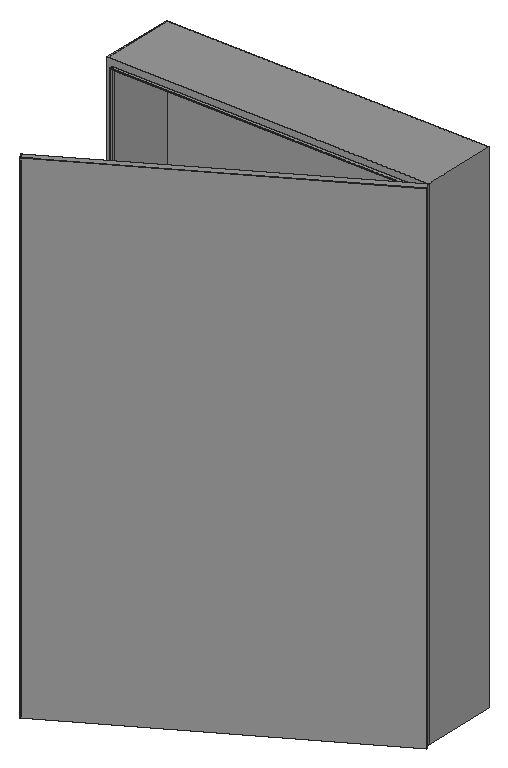
Revit family "Hager-Univers-IP54-D205-H1250-Cl.II-Encl-NoHosted-PL-en", category Equipement électrique, Revit 2020
Family settings
  Configuration du panneau = Deux colonnes, circuits au sein
  Cote de connecteur circulaire = Utiliser le diamètre
  Type d'élément = Tableau de raccordement
  Basée sur le plan de construction = Oui
  Toujours verticalement = Oui
  Couper avec des vides une fois chargée = Non
  Partagée = Non
  Point de calcul de pièce = Non
Parameters (values of type "Surface mounted (plaster) IP54 W800 H1250 D205  - FP83SW2")
  Width Control [instance] = if([EF000008 - Width] > Min Width, [EF000008 - Width], Min Width)  # 800 mm
  Commentaires du type = [HG000003 - Range]  # "Univers"
  Thickness Door [instance] = if([EF009171 - Material plate thickness door/cover] > 3 mm, 3 mm, [EF009171 - Material plate thickness door/cover])  # 1 mm
  Seal Frame Offset [instance] = 17 mm  # constant formula
  Plinth Visibility [instance] = [HG000027 - Plinth height] > 0 mm  # no
  Min Width [instance] = 100 mm  # constant formula
  Min Depth [instance] = (2 * [EF009170 - Material plate thickness cabinet]) + 1 mm  # 3 mm
  Min Height [instance] = 100 mm  # constant formula
  Internal Frame Depth [instance] = (Door System Depth * 0.5)  # 9 mm
  Panel Name [instance] = ""  # (empty or 0)
  Model = ""
  HG000027 - Plinth height = 0 mm
  HG000026 - Floor standing = no
  HG000024 - Bottom section height = 600 mm
  HG000023 - Double section enclosure = no
  HG000016 - Door 3d visibility [instance] = yes
  HG000015 - Clearance visibility [instance] = no
  HG000014 - Door on the right [instance] = yes
  HG000013 - Door on the left [instance] = not([HG000014 - Door on the right])  # no
  HG000012 - Door swing angle [instance] = 30.00°
  HG000010 - Asymmetric doors = no
  HG000009 - Double swing door = no
  HG000006 - Flush mounted = no
  HG000004 - Manufacturer reference = "FP83SW2"
  HG000003 - Range = "Univers"
  HG000002 - With door or cover = yes
  Frame Offset Bottom [instance] = 10 mm  # constant formula
  Frame Offset [instance] = 15 mm  # constant formula
  EF015940 - Cover with overpressure release = no
  EF011959 - Degree of protection (NEMA) = ""
  EF009554 - Number of openings for flange plates = 6
  EF009212 - Cover model = "EV000116 - Closed"
  EF009171 - Material plate thickness door/cover = 1 mm
  EF009170 - Material plate thickness cabinet = 1 mm
  EF008873 - Nominal current (In) = 250 A
  EF007800 - Suitable for lightning protection = no
  EF006306 - With lock = no
  EF006244 - Transparent cover/door = no
  EF005474 - Degree of protection (IP) = "EV006419 - IP54"
  EF004464 - Type of door = "EV002646 - Single"
  EF004427 - Number of modules = 288
  EF004293 - Impact strength = "EV006813 - IK07"
  EF003532 - Suitable for outdoor use = no
  EF002950 - Width in number of modular spacings = 36
  EF001613 - Circuit integrity = "EV000494 - None"
  EF001596 - Material housing = "EV000179 - Steel"
  EF001131 - Internal depth = 130 mm
  EF001088 - Extension possible = yes
  EF000437 - Number of conduit inlets = 6
  EF000339 - Type of cover = "EV004216 - Door"
  EF000266 - Number of rows = 8
  EF000218 - Built-in depth = 205 mm
  EF000118 - With mounting plate = no
  EF000116 - RAL-number = "9010"
  EF000049 - Depth = 205 mm
  EF000040 - Height = 1250 mm
  EF000008 - Width = 800 mm
  EF000007 - Colour = "EV000202 - White"
  EF000003 - Mounting method = "EV000384 - Surface mounted (plaster)"
  Door System Leaf Tolerance [instance] = 1.5 mm  # constant formula
  Door System Depth [instance] = 18 mm  # constant formula
  Door Height [instance] = Height Control - [HG000027 - Plinth height]  # 1250 mm
  Description = ""
  Default Elevation = 1219.2 mm
  Connector Offset [instance] = Height Control / 2  # 625 mm
  Fabricant = "Hager"  # constant formula
  Height Control [instance] = if([EF000040 - Height] > Min Height, [EF000040 - Height], Min Height)  # 1250 mm
  Depth Control [instance] = if([EF000049 - Depth] > Min Depth, [EF000049 - Depth], Min Depth)  # 205 mm
  Bottom Top Plate Trim [instance] = 1.5 mm  # constant formula
  Plinth height Ctrl [instance] = if([HG000027 - Plinth height] > 0 mm, [HG000027 - Plinth height], 12 mm)  # 12 mm
Types (5, lengths in mm): name | Width Control | HG000010 - Asymmetric doors | HG000009 - Double swing door | HG000004 - Manufacturer reference | EF009554 - Number of openings for flange plates | EF004464 - Type of door | EF004427 - Number of modules | EF004293 - Impact strength | EF002950 - Width in number of modular spacings | EF000437 - Number of conduit inlets | EF000008 - Width
  Surface mounted (plaster) IP54 W1050 H1250 D205  - FP84SW2 | 1050 | no | yes | "FP84SW2" | 8 | "EV003602 - Double" | 384 | "EV006815 - IK09" | 48 | 8 | 1050
  Surface mounted (plaster) IP54 W1300 H1250 D205  - FP85SW2 | 1300 | yes | yes | "FP85SW2" | 10 | "EV003602 - Double" | 480 | "EV006815 - IK09" | 60 | 10 | 1300
  Surface mounted (plaster) IP54 W300 H1250 D205  - FP81SW2 | 300 | no | no | "FP81SW2" | 2 | "EV002646 - Single" | 96 | "EV006815 - IK09" | 12 | 2 | 300
  Surface mounted (plaster) IP54 W550 H1250 D205  - FP82SW2 | 550 | no | no | "FP82SW2" | 4 | "EV002646 - Single" | 192 | "EV006815 - IK09" | 24 | 4 | 550
  Surface mounted (plaster) IP54 W800 H1250 D205  - FP83SW2 | 800 | no | no | "FP83SW2" | 6 | "EV002646 - Single" | 288 | "EV006813 - IK07" | 36 | 6 | 800
Reference planes
  plane 1 "Center (Front/Back)": y = 0
  plane 2: z = 0
  plane 3 "Center (Left/Right)": x = 0
  plane 4: y = 0
  plane 5: y = 0
  plane 6: z = 0
  plane 7: x = -400
  plane 8: x = 400
  plane 9: x = 399
  plane 10: x = -399
  plane 11: z = 0
  plane 12: z = 1
  plane 13: y = -205
  plane 14: y = -1
  plane 15: x = 0
  plane 16: y = -187
  plane 17: y = -204
  plane 18: y = -186
  plane 19: x = -384
  plane 20: x = 384
  plane 21: z = 11
  plane 22: x = -383
  plane 23: x = 383
  plane 24: z = 0
  plane 25: z = 1250
  plane 26: z = 1250
  plane 27: z = 1234
  plane 28: z = 1249
Forms (mm)
  Extrusion 1, solid, material "Hager_Steel_RAL7035_Light_Grey", detail levels medium+fine
    sketch origin (-208.679, -4572, 0) x (-1, 0, 0) y (0, -1, 0)
      loop
        line (191.321, -4385) -> (-608.679, -4385) -> (-608.679, -4572) -> (191.321, -4572) -> (191.321, -4385)
    from 0 to 1250
  Extrusion 2, void
    sketch origin (-350.771, -205, 1219.2) x (1, 0, 0) y (0, 0, 1)
      loop
        line (-48.229, 29.8) -> (-48.229, -1218.2) -> (749.771, -1218.2) -> (749.771, 29.8) -> (-48.229, 29.8)
    from -19 to -204
  Extrusion 3, void
    sketch origin (-290.084, -187, 1219.2) x (1, 0, 0) y (0, 0, 1)
      loop
        line (-93.916, -1208.2) -> (674.084, -1208.2) -> (674.084, 14.8) -> (-93.916, 14.8) -> (-93.916, -1208.2)
    from 0 to -1
  Extrusion 4, solid, material "Hager_Steel_RAL7035_Light_Grey", visible <- "Plinth Visibility", detail levels medium+fine
    sketch origin (0, 0, 0) x (1, 0, 0) y (0, 1, 0)
      loop
        line (-400, 0) -> (-400, -187) -> (400, -187) -> (400, 0) -> (-400, 0)
    from 0 to 12 <- "Plinth height Ctrl"
  Extrusion 5, solid, material "Hager_Steel_RAL7035_Light_Grey", detail levels coarse
    sketch origin (0, 0, 0) x (1, 0, 0) y (0, 1, 0)
      loop
        line (-400, 0) -> (-400, -205) -> (400, -205) -> (400, 0) -> (-400, 0)
    from 0 to 1250 <- "Height Control"
  Sweep 6, void
    path in 3D
      loop
        line (-400, -187, 12) -> (400, -187, 12) -> (400, 0, 12) -> (-400, 0, 12) -> (-400, -187, 12)
    profile origin (-400, -93.5, 12) x (1, 0, 0) y (0, 0, 1)
      loop
        line (0, 0) -> (0, -1.5) -> (1.5, -1.5)
        arc (1.5, -1.5) -> (1.061, -0.439) -> (0, 0) r 1.5
  Extrusion 7, solid, material "Hager_Steel_RAL7035_Light_Grey", detail levels fine
    sketch origin (-400, -187, 0) x (1, 0, 0) y (0, 0, 1)
      loop
        line (16, 11) -> (784, 11) -> (784, 1234) -> (16, 1234) -> (16, 11)
      loop
        line (15, 10) -> (785, 10) -> (785, 1235) -> (15, 1235) -> (15, 10)
    from 0 to 9 <- "Internal Frame Depth"
Cuts and joins
  Extrusion 2, Extrusion 3 cuts Extrusion 1
  Sweep 6 cuts Extrusion 4
Lines and regions (mm)
  Masking region 1
    outline origin (0, 0, 0) x (1, 0, 0) y (0, 1, 0)
      loop
        line (-400, 0) -> (-400, -205) -> (400, -205) -> (400, 0) -> (-400, 0)
  Masking region 2, detail levels coarse
    outline origin (-290.084, -187, 1219.2) x (-1, 0, 0) y (0, 0, 1)
      loop
        line (-690.084, -1219.2) -> (109.916, -1219.2) -> (109.916, 30.8) -> (-690.084, 30.8) -> (-690.084, -1219.2)
  Masking region 3, detail levels coarse
    outline origin (0, 0, 0) x (0, 1, 0) y (0, 0, 1)
      loop
        line (0, 0) -> (0, 1250) -> (-205, 1250) -> (-205, 0) -> (0, 0)
  Masking region 4, visible <- "Plinth Visibility", detail levels medium+fine
    outline origin (0, 0, 0) x (0, 1, 0) y (0, 0, 1)
      loop
        line (-1.5, 12) -> (-185.5, 12)
        arc (-185.5, 12) -> (-185.939, 10.939) -> (-187, 10.5) r 1.5
        line (-187, 10.5) -> (-187, 0) -> (0, 0) -> (0, 10.5)
        arc (0, 10.5) -> (-1.061, 10.939) -> (-1.5, 12) r 1.5
  Masking region 5, detail levels medium+fine
    outline origin (0, 0, 594.038) x (0, 1, 0) y (0, 0, 1)
      loop
        line (0, -594.038) -> (0, 655.962) -> (-187, 655.962) -> (-187, -594.038) -> (0, -594.038)
  Masking region 6, detail levels medium+fine
    outline origin (-359.7, -187, 1211.883) x (-1, 0, 0) y (0, 0, 1)
      loop
        line (-759.7, -1211.883) -> (40.3, -1211.883) -> (40.3, 38.117) -> (-759.7, 38.117) -> (-759.7, -1211.883)
  Masking region 7, visible <- "Plinth Visibility", detail levels medium+fine
    outline origin (-320.334, -187, 1041.368) x (-1, 0, 0) y (0, 0, 1)
      loop
        line (-720.334, -1041.368) -> (79.666, -1041.368) -> (79.666, -1030.868)
        arc (79.666, -1030.868) -> (78.606, -1030.429) -> (78.166, -1029.368) r 1.5
        line (78.166, -1029.368) -> (-718.834, -1029.368)
        arc (-718.834, -1029.368) -> (-719.273, -1030.429) -> (-720.334, -1030.868) r 1.5
        line (-720.334, -1030.868) -> (-720.334, -1041.368)
  sketch lines
    curve 1: line (-400, 0, 12) -> (-400, -187, 12)
    curve 2: line (-400, -187, 12) -> (400, -187, 12)
    curve 3: line (400, 0, 12) -> (-400, 0, 12)
    curve 4: line (400, -187, 12) -> (400, 0, 12)
Dimensions and locks
  locked: plane 1 "Center (Front/Back)" to plane 5
  "EF009170 - Material plate thickness cabinet": plane 7 to plane 10
  "EF009170 - Material plate thickness cabinet": plane 8 to plane 9
  equal spacing: plane 7, plane 3 "Center (Left/Right)", plane 8
  "Width Control": plane 7 to plane 8
  "Depth Control": plane 4 to plane 13
  "EF009170 - Material plate thickness cabinet": plane 4 to plane 14
  "Height Control": plane 25 to level
  "HG000027 - Plinth height": plane 11 to level
  "EF009170 - Material plate thickness cabinet": plane 12 to plane 11
  "EF009170 - Material plate thickness cabinet": plane 17 to plane 13
  "EF009170 - Material plate thickness cabinet": plane 18 to plane 16
  "Frame Offset Bottom": plane 21 to plane 12
  "Frame Offset": plane 10 to plane 19
  "Frame Offset": plane 9 to plane 20
  "Door System Depth": plane 16 to plane 13
  "Seal Frame Offset": plane 7 to plane 22
  "Seal Frame Offset": plane 8 to plane 23
  "EF009170 - Material plate thickness cabinet": plane 26 to plane 28
  "Frame Offset": plane 28 to plane 27
  "Connector Offset": plane 2 to connector elem
  "Bottom Top Plate Trim": profile plane to Sweep 6 sketch curve
  "Bottom Top Plate Trim": Sweep 6 sketch curve to Sweep 6 sketch curve
  "Plinth height Ctrl": Masking region 4 sketch curve to level
  "Plinth height Ctrl": Masking region 7 sketch curve to level
  "Thickness Door": Extrusion 7 sketch curve to Extrusion 7 sketch curve  (x4)
  "Bottom Top Plate Trim": radius of Sweep 6 sketch curve
  "Bottom Top Plate Trim": radius of Masking region 4 sketch curve  (x2)
  "Bottom Top Plate Trim": radius of Masking region 7 sketch curve  (x2)
  aligned and locked: Extrusion 2 sketch curve to plane 12
  aligned and locked: Extrusion 2 sketch curve to plane 9
  aligned and locked: Extrusion 2 sketch curve to plane 10
  aligned and locked: Extrusion 2 to plane 14
  aligned and locked: Extrusion 1 sketch curve to plane 4
  aligned and locked: plane 8 to Extrusion 1 sketch curve
  aligned and locked: plane 7 to Extrusion 1 sketch curve
  aligned and locked: Extrusion 2 to plane 18
  aligned and locked: Extrusion 3 sketch curve to plane 19
  aligned and locked: plane 20 to Extrusion 3 sketch curve
  aligned and locked: Extrusion 3 to Extrusion 2
  aligned and locked: Extrusion 3 sketch curve to plane 21
  aligned and locked: plane 3 "Center (Left/Right)" to nested 1
  aligned and locked: Extrusion 1 sketch curve to plane 16
  aligned and locked: Extrusion 4 sketch curve to cut or joined group of Extrusion 1, Extrusion 2, Extrusion 3
  aligned and locked: Masking region 1 sketch curve to plane 7
  aligned and locked: Masking region 1 sketch curve to plane 5
  aligned and locked: Masking region 1 sketch curve to plane 8
  aligned and locked: Masking region 2 sketch curve to level
  aligned and locked: level to Masking region 3 sketch curve
  aligned and locked: plane 1 "Center (Front/Back)" to Masking region 3 sketch curve
  aligned and locked: plane 13 to Masking region 3 sketch curve
  aligned and locked: plane 5 to Masking region 4 sketch curve
  aligned and locked: Masking region 2 sketch curve to plane 8
  aligned and locked: Masking region 2 sketch curve to plane 7
  aligned and locked: plane 7 to nested 2
  aligned and locked: nested 2 to plane 5
  aligned and locked: plane 5 to Masking region 5 sketch curve
  aligned and locked: plane 26 to Masking region 5 sketch curve
  aligned and locked: Extrusion 5 sketch curve to plane 8
  aligned and locked: Extrusion 5 sketch curve to plane 7
  aligned and locked: Extrusion 5 sketch curve to plane 5
  aligned and locked: Extrusion 3 sketch curve to plane 27
  aligned and locked: Extrusion 2 sketch curve to plane 28
  aligned and locked: Masking region 2 to plane 25
  aligned and locked: Extrusion 4 to plane 16
  aligned and locked: profile plane to Sweep 6 sketch curve
  aligned and locked: Masking region 5 sketch curve to plane 24
  aligned and locked: level to Masking region 4 sketch curve
  aligned and locked: Masking region 1 to plane 13
  aligned and locked: nested 1 to plane 16
  aligned and locked: Masking region 3 to plane 25
  aligned and locked: plane 16 to Masking region 4 sketch curve
  aligned and locked: Masking region 5 sketch curve to plane 16
  aligned and locked: plane 24 to plane 11
  aligned and locked: plane 26 to plane 25
  aligned and locked: plane 26 to cut or joined group of Extrusion 1, Extrusion 2, Extrusion 3
  aligned and locked: nested 1 to plane 24
  aligned and locked: Extrusion 1 to Extrusion 3
  aligned and locked: Masking region 6 sketch curve to plane 8
  aligned and locked: Masking region 6 sketch curve to plane 24
  aligned and locked: Masking region 6 sketch curve to plane 7
  aligned and locked: Masking region 6 sketch curve to plane 26
  aligned and locked: Masking region 7 sketch curve to plane 7
  aligned and locked: level to Masking region 7 sketch curve
  aligned and locked: Masking region 7 sketch curve to plane 8
  aligned and locked: Extrusion 7 sketch curve to cut or joined group of Extrusion 1, Extrusion 2, Extrusion 3  (x4)
Automatic sketch dimensions
  plane 19 to Extrusion 3 sketch curve = 0 mm
  Extrusion 3 sketch curve to plane 20 = 0 mm
  Extrusion 3 sketch curve to plane 21 = 0 mm
  Extrusion 4 sketch curve to plane 7 = 0 mm
  Extrusion 4 sketch curve to plane 8 = 0 mm
  Extrusion 4 sketch curve to plane 16 = 0 mm
  Masking region 1 sketch curve to plane 13 = 0 mm
  Masking region 2 sketch curve to plane 25 = 0 mm
  Masking region 3 sketch curve to plane 25 = 0 mm
  Extrusion 5 sketch curve to plane 13 = 0 mm
  profile plane to Sweep 6 sketch curve = 0 mm
Nested families
  nested 1: "EC000058_Univers_Door" at (0, -187, 0), Double <- "HG000009 - Double swing door", Transparent <- "EF006244 - Transparent cover/door", Angle <- "HG000012 - Door swing angle", Door_Right <- "HG000014 - Door on the right", Assymetrical <- "HG000010 - Asymmetric doors", Door <- "HG000002 - With door or cover", Width_Ctrl <- "Width Control", 3d_Door <- "HG000016 - Door 3d visibility", Clearance <- "HG000015 - Clearance visibility", Door_Left <- "HG000013 - Door on the left", Width <- "Width Control", Door_Depth <- "Door System Depth", Leaf_Tolerance <- "Door System Leaf Tolerance", Height <- "Door Height", Lock_Visibility <- "EF006306 - With lock", Thickness <- "Thickness Door", type "EC000058_Univers_Door", detail levels medium+fine
    with min_wh 3 mm, Width_Ctrl 800 mm, Width 800 mm, Transparent no, Thickness 1 mm, Seal_Material Hager_Rubber, Lock_Visibility no, Lock_Material Hager_Plastic_RAL9005_Jet_Black, Leaf_Width 800 mm, Leaf_Tolerance_External_Sides 0 mm, Leaf_Tolerance 1.5 mm, Leaf_Offset 0 mm, Leaf_Height 1247 mm, Leaf_2_Width 800 mm, Leaf_2_Offset 400 mm, Leaf_1_Width 800 mm, Leaf_1_Offset 400 mm, Height_Ctrl 1250 mm, Height 1250 mm, Glass_Material Hager_Glass, Double_Clearance_Ctrl no, Double no, Door_Right_Ctrl yes, Door_Right yes, Door_Material Hager_Steel_RAL7035_Light_Grey, Door_Left_Ctrl no, Door_Left no, Door_Depth 18 mm, Door yes, Clearance_Material Hager_Clearance, Clearance_Depth 800 mm, Clearance_Ctrl no, Clearance no, Assymetrical no, Angle 30.00°, 3d_Door yes
  nested 2: "Hager_Enclosure_Symbol" at (-400, 0, 0), Height <- "Depth Control", Width <- "Width Control", type "Hager_Enclosure_Symbol"
    with Width_Ctrl 800 mm, Width 800 mm, Height_Ctrl 205 mm, Height 205 mm, A_Width_Int 13.453 mm, A_Width 161.438 mm, A_Height_Ctrl 179.375 mm, A_Height 179.375 mm
Connectors
  electrical at (0, 0, 625)
    settings: on plane 1 "Center (Front/Back)", index 1, voltage 0 V, apparent load 0 VA, apparent load phase1 0 VA, apparent load phase2 0 VA, apparent load phase3 0 VA, power factor 1, load classification "Other", number of poles 1, system type 30, power factor state 1, is connector primary yes, connector utility no, sub classification motor no, connector description ""
Definition of nested family "EC000058_Univers_Door"
  Parameters (values of type "EC000058_Univers_Door")
    min_wh [instance] = (2 * Thickness) + 1 mm  # 11 mm
    Width_Ctrl [instance] = 400 mm
    Width [instance] = 500 mm
    Transparent [instance] = yes
    Thickness [instance] = 5 mm
    Seal_Material [instance] = none
    Lock_Visibility [instance] = yes
    Lock_Material [instance] = none
    Leaf_Width [instance] = if((Width_Ctrl - 2 * Leaf_Tolerance_External_Sides) > 0 mm, (Width_Ctrl - 2 * Leaf_Tolerance_External_Sides), min_wh)  # 400 mm
    Leaf_Tolerance_External_Sides [instance] = 0 mm  # constant formula
    Leaf_Tolerance [instance] = 1.5 mm
    Leaf_Offset [instance] = 0 mm  # constant formula
    Leaf_Height [instance] = if((Height_Ctrl - 2 * Leaf_Tolerance) > 0 mm, (Height_Ctrl - 2 * Leaf_Tolerance), min_wh)  # 497 mm
    Leaf_2_Width [instance] = if(and(and(Double, Assymetrical), Door_Left), (Leaf_Width / 3) - (Leaf_Tolerance / 2), if(and(and(Double, Assymetrical), Door_Right), (Leaf_Width / 3) * 2 - (Leaf_Tolerance / 2), if(and(Double, not(Assymetrical)), (Leaf_Width / 2) - Leaf_Tolerance, Leaf_Width)))  # 400 mm
    Leaf_2_Offset [instance] = if(and(Double, Assymetrical), Leaf_2_Width / 2, if(and(Double, not(Assymetrical)), Leaf_Width / 4, Leaf_Width / 2))  # 200 mm
    Leaf_1_Width [instance] = if(and(and(Double, Assymetrical), Door_Right), (Leaf_Width / 3) - (Leaf_Tolerance / 2), if(and(and(Double, Assymetrical), Door_Left), (Width / 3) * 2 - (Leaf_Tolerance / 2), if(and(Double, not(Assymetrical)), (Leaf_Width / 2) - Leaf_Tolerance, Leaf_Width)))  # 400 mm
    Leaf_1_Offset [instance] = if(and(Double, Assymetrical), Leaf_1_Width / 2, if(and(Double, not(Assymetrical)), Leaf_Width / 4, Leaf_Width / 2))  # 200 mm
    Height_Ctrl [instance] = if(Height > min_wh, Height, min_wh)  # 500 mm
    Height [instance] = 500 mm
    Glass_Material [instance] = none
    Double_Clearance_Ctrl [instance] = and(Double, Clearance)  # no
    Double [instance] = no
    Door_Right_Ctrl [instance] = and(or(Door_Right, Double), Door)  # yes
    Door_Right [instance] = yes
    Door_Material [instance] = none
    Door_Left_Ctrl [instance] = and(or(Door_Left, Double), Door)  # no
    Door_Left [instance] = no
    Door_Depth [instance] = 30 mm
    Door [instance] = yes
    Default Elevation = 1219.2 mm
    Clearance_Material [instance] = none
    Clearance_Depth [instance] = if(Leaf_1_Width > Leaf_2_Width, Leaf_1_Width, Leaf_2_Width)  # 400 mm
    Clearance_Ctrl [instance] = and(not(Double), Clearance)  # yes
    Clearance [instance] = yes
    Assymetrical [instance] = yes
    Angle [instance] = 30.00°
    3d_Door [instance] = yes
  Reference planes
    plane 1 "Center (Front/Back)": y = 0
    plane 2 "Bottom": z = 0
    plane 3 "Center (Left/Right)": x = 0
    plane 4: z = 500
    plane 5: x = -200
    plane 6: x = 200
    plane 7: z = 500
    plane 8: x = -200
    plane 9: z = 0
    plane 10: x = 200
    plane 11: y = 0
    plane 12: z = 1.5
    plane 13: x = -600
    plane 14: y = -400
    plane 15: x = 600
    plane 16: x = 0
    plane 17: x = 0
    plane 18: x = -200
    plane 19: x = 200
    plane 20: z = 498.5
  Forms (mm)
    Extrusion 1, solid, material <- "Clearance_Material", visible <- "Double_Clearance_Ctrl"
      sketch origin (1200, 0, 0) x (1, 0, 0) y (0, 0, -1)
        loop
          line (-1800, -498.5) -> (-600, -498.5) -> (-600, 0) -> (-1800, 0) -> (-1800, -498.5)
      from 0 to -400
  Dimensions and locks
    equal spacing: plane 5, plane 3 "Center (Left/Right)", plane 6
    "Width_Ctrl": plane 5 to plane 6
    "Leaf_Offset": plane 5 to plane 8
    "Leaf_Offset": plane 6 to plane 10
    "Leaf_Offset": plane 9 to level
    "Leaf_Offset": plane 4 to plane 7
    "Height_Ctrl": plane 4 to level
    "Leaf_Tolerance": plane 12 to plane 9
    locked: plane 11 to plane 1 "Center (Front/Back)"
    "Leaf_1_Offset": plane 18 to plane 16
    "Leaf_2_Offset": plane 17 to plane 19
    "Leaf_1_Width": plane 13 to plane 8
    "Leaf_2_Width": plane 10 to plane 15
    "Clearance_Depth": plane 14 to plane 1 "Center (Front/Back)"
    "Leaf_Tolerance_External_Sides": plane 8 to plane 18
    "Leaf_Tolerance_External_Sides": plane 19 to plane 10
    "Leaf_Tolerance": plane 7 to plane 20
    aligned and locked: level to plane 2 "Bottom"
    aligned and locked: nested 1 to plane 16
    aligned and locked: nested 2 to plane 17
    aligned and locked: Extrusion 1 to plane 13
    aligned and locked: plane 15 to Extrusion 1
    aligned and locked: Extrusion 1 to plane 14
    aligned and locked: plane 12 to nested 1
    aligned and locked: nested 2 to plane 12
    aligned and locked: Extrusion 1 to plane 11
    aligned and locked: plane 20 to Extrusion 1
    aligned and locked: nested 2 to plane 11
    aligned and locked: nested 1 to plane 11
  Automatic sketch dimensions
    Extrusion 1 sketch curve to level = 0 mm
    plane 5 to Extrusion 1 sketch curve = 400 mm
    plane 6 to Extrusion 1 sketch curve = 400 mm
    Extrusion 1 sketch curve to plane 4 = 1.5 mm
  Nested families
    nested 1: "EC000058_Univers_Door_Leaf" at (0, 0, 1.5), Width <- "Leaf_1_Width", visible <- "Door_Left_Ctrl", Leaf_Height <- "Leaf_Height", Angle <- "Angle", 3d_Door <- "3d_Door", Transparent <- "Transparent", Clearance Material <- "Clearance_Material", Clearance <- "Clearance_Ctrl", Door_Material <- "Door_Material", Glass_Material <- "Glass_Material", Door_Depth <- "Door_Depth", Lock_Material <- "Lock_Material", Seal_Material <- "Seal_Material", Lock_Visibility <- "Lock_Visibility", Thickness <- "Thickness", type "EC000058_Univers_Door_Leaf"
      with Width 400 mm, Transparent_Glass_Offset 30 mm, Transparent_Ctrl yes, Transparent yes, Thickness 5 mm, Standard no, Seal_Material none, Seal_D2 8 mm, Seal_D1 1 mm, Offset_Internal_Frame 10 mm, Lock_Width 20 mm, Lock_Visibility_3d yes, Lock_Visibility yes, Lock_Thickness_3 3 mm, Lock_Thickness_2 1 mm, Lock_Thickness_1 3 mm, Lock_Radius_Offset_2 16 mm, Lock_Radius_Offset_1 15 mm, Lock_Radius_2 5 mm, Lock_Radius 6 mm, Lock_Offset 5 mm, Lock_Material none, Lock_Height 80 mm, Lock_Cover_Top_Offset_2d 17 mm, Lock_Cover_Height -65 mm, Leaf_Height 497 mm, Internal_Seal_Thickness 8 mm, Internal_Seal_Depth_2 4.5 mm, Internal_Frame_Depth 25 mm, Glass_Thickness -1 mm, Glass_Offset -2 mm, Glass_Material none, Door_Material none, Door_Depth 30 mm, Clearance Material none, Clearance yes, Angle_Ctrl 30.00°, Angle 30.00°, 3d_Door yes
    nested 2: "EC000058_Univers_Door_Leaf" at (0, 0, 1.5) x (-1, 0, 0) z (0, 0, 1), Width <- "Leaf_2_Width", visible <- "Door_Right_Ctrl", Leaf_Height <- "Leaf_Height", Angle <- "Angle", 3d_Door <- "3d_Door", Transparent <- "Transparent", Clearance Material <- "Clearance_Material", Clearance <- "Clearance_Ctrl", Door_Material <- "Door_Material", Glass_Material <- "Glass_Material", Door_Depth <- "Door_Depth", Lock_Material <- "Lock_Material", Seal_Material <- "Seal_Material", Lock_Visibility <- "Lock_Visibility", Thickness <- "Thickness", type "EC000058_Univers_Door_Leaf"
      with Width 400 mm, Transparent_Glass_Offset 30 mm, Transparent_Ctrl yes, Transparent yes, Thickness 5 mm, Standard no, Seal_Material none, Seal_D2 8 mm, Seal_D1 1 mm, Offset_Internal_Frame 10 mm, Lock_Width 20 mm, Lock_Visibility_3d yes, Lock_Visibility yes, Lock_Thickness_3 3 mm, Lock_Thickness_2 1 mm, Lock_Thickness_1 3 mm, Lock_Radius_Offset_2 16 mm, Lock_Radius_Offset_1 15 mm, Lock_Radius_2 5 mm, Lock_Radius 6 mm, Lock_Offset 5 mm, Lock_Material none, Lock_Height 80 mm, Lock_Cover_Top_Offset_2d 17 mm, Lock_Cover_Height -65 mm, Leaf_Height 497 mm, Internal_Seal_Thickness 8 mm, Internal_Seal_Depth_2 4.5 mm, Internal_Frame_Depth 25 mm, Glass_Thickness -1 mm, Glass_Offset -2 mm, Glass_Material none, Door_Material none, Door_Depth 30 mm, Clearance Material none, Clearance yes, Angle_Ctrl 30.00°, Angle 30.00°, 3d_Door yes
  Definition of nested family "EC000058_Univers_Door_Leaf"
    Parameters (values of type "EC000058_Univers_Door_Leaf")
      Width [instance] = 2000 mm
      Transparent_Glass_Offset [instance] = 30 mm
      Transparent_Ctrl [instance] = and(Transparent, [3d_Door])  # yes
      Transparent [instance] = yes
      Thickness [instance] = 5 mm
      Standard [instance] = and(not(Transparent), [3d_Door])  # no
      Seal_Material [instance] = none
      Seal_D2 [instance] = 8 mm  # constant formula
      Seal_D1 [instance] = 1 mm  # constant formula
      Offset_Internal_Frame [instance] = 10 mm  # constant formula
      Lock_Width [instance] = 20 mm  # constant formula
      Lock_Visibility_3d [instance] = and(Lock_Visibility, [3d_Door])  # yes
      Lock_Visibility [instance] = yes
      Lock_Thickness_3 [instance] = 3 mm  # constant formula
      Lock_Thickness_2 [instance] = 1 mm  # constant formula
      Lock_Thickness_1 [instance] = 3 mm  # constant formula
      Lock_Radius_Offset_2 [instance] = Lock_Radius_Offset_1 + 1 mm  # 16 mm
      Lock_Radius_Offset_1 [instance] = 15 mm  # constant formula
      Lock_Radius_2 [instance] = Lock_Radius - 1 mm  # 5 mm
      Lock_Radius [instance] = 6 mm  # constant formula
      Lock_Offset [instance] = 5 mm  # constant formula
      Lock_Material [instance] = none
      Lock_Height [instance] = 80 mm  # constant formula
      Lock_Cover_Top_Offset_2d [instance] = Lock_Radius_Offset_2 + 1 mm  # 17 mm
      Lock_Cover_Height [instance] = -(Lock_Height - Lock_Radius_Offset_1)  # -65 mm
      Leaf_Height [instance] = 2720.336 mm
      Internal_Seal_Thickness [instance] = 8 mm  # constant formula
      Internal_Seal_Depth_2 [instance] = 4.5 mm  # constant formula
      Internal_Frame_Depth [instance] = if(Door_Depth - Thickness > 5 mm, Door_Depth - Thickness, 5 mm)  # 25 mm
      Glass_Thickness [instance] = if(Thickness > 15 mm, Glass_Offset + 10 mm, -1 mm)  # -1 mm
      Glass_Offset [instance] = if(Thickness > 15 mm, -(Thickness + 10 mm) / 2, -2 mm)  # -2 mm
      Glass_Material [instance] = none
      Door_Material [instance] = none
      Door_Depth [instance] = 30 mm
      Default Elevation = 0 mm
      Clearance Material [instance] = none
      Clearance [instance] = yes
      Angle_Ctrl [instance] = if(Angle > 180.00°, 180.00°, Angle)  # 90.00°
      Angle [instance] = 90.00°
      3d_Door [instance] = yes
    Reference planes
      plane 1 "Center (Front/Back)": y = 0
      plane 2: z = 0
      plane 3 "Center (Left/Right)": x = 0
      plane 4: y = 2000
      plane 5: x = -1000
      plane 6: x = 1000
      plane 7: x = -3000
      plane 8: z = 2720.336
      plane 9: z = 30
      plane 10: z = 2690.336
      plane 11: x = 970
      plane 12: x = -970
      plane 13: y = -3
      plane 14: z = 107.833
      plane 15: y = -5
      plane 16: y = -223.314
      plane 17: x = -1000
      plane 18: z = 1360.168
      plane 19: y = 30
    Forms (mm)
      Extrusion 1, solid, material <- "Clearance Material", visible <- "Clearance"
        sketch origin (0, 0, 0) x (1, 0, 0) y (0, 0, 1)
          loop
            line (-3000, 2720.336) -> (-3000, 0) -> (1000, 0) -> (1000, 2720.336) -> (-3000, 2720.336)
        from 0 to -2000
      Extrusion 2, solid, material <- "Door_Material", visible <- "Standard", detail levels medium+fine
        sketch origin (-1000, 0, 0) x (0, 1, 0) y (-1, 0, 0)
          loop
            line (0, 30) -> (0, 25) -> (2000, 25) -> (2000, 30) -> (0, 30)
        from 0 to 2720.336 <- "Leaf_Height"
      Extrusion 3, solid, material <- "Door_Material", visible <- "Transparent_Ctrl", detail levels medium+fine
        sketch origin (-1000, 0, 0) x (0, 1, 0) y (-1, 0, 0)
          loop
            line (0, 25) -> (2000, 25) -> (2000, 30) -> (0, 30) -> (0, 25)
        from 0 to 2720.336 <- "Leaf_Height"
      Extrusion 4, void
        sketch origin (-1025, 2000, 0) x (0, 1, 0) y (0, 0, -1)
          loop
            line (-30, -2690.336) -> (-30, -30) -> (-1970, -30) -> (-1970, -2690.336) -> (-30, -2690.336)
        from 0 to 5 <- "Thickness"
      Sweep 5, solid, material <- "Seal_Material", visible <- "Transparent_Ctrl", detail levels fine
        path in 3D
          loop
            line (-1025, 30, 30) -> (-1025, 30, 2690.336) -> (-1025, 1970, 2690.336) -> (-1025, 1970, 30) -> (-1025, 30, 30)
        profile origin (-1025, 1000, 30) x (1, 0, 0) y (0, 0, 1)
          loop
            line (0, 0) -> (0, -8) -> (1, -8) -> (1, 0) -> (0, 0)
      Extrusion 6, solid, material <- "Glass_Material", visible <- "Transparent_Ctrl", detail levels medium+fine
        sketch origin (-1030, 0, 0) x (0, 1, 0) y (0, 0, -1)
          loop
            line (1970, -2690.336) -> (1970, -30) -> (30, -30) -> (30, -2690.336) -> (1970, -2690.336)
        from -2 <- "Glass_Offset" to -1 <- "Glass_Thickness"
      Extrusion 7, solid, material <- "Door_Material", visible <- "3d_Door", detail levels medium+fine
        sketch origin (-1025, 2000, 0) x (0, -1, 0) y (0, 0, -1)
          loop
            line (0, -2720.336) -> (2000, -2720.336) -> (2000, 0) -> (0, 0) -> (0, -2720.336)
          loop
            line (1995, -5) -> (5, -5) -> (5, -2715.336) -> (1995, -2715.336) -> (1995, -5)
        from 0 to 25 <- "Internal_Frame_Depth"
      Sweep 8, solid, material <- "Seal_Material", visible <- "Transparent_Ctrl", detail levels fine
        path in 3D
          loop
            line (-1025, 0, 0) -> (-1025, 2000, 0) -> (-1025, 2000, 2720.336) -> (-1025, 0, 2720.336) -> (-1025, 0, 0)
        profile origin (-1025, 0, 1360.168) x (1, 0, 0) y (0, 1, 0)
          loop
            line (0, 10) -> (2.975, 10)
            arc (2.975, 10) -> (4.053, 10.447) -> (4.5, 11.525) r 1.525
            line (4.5, 11.525) -> (4.5, 16.527)
            arc (4.5, 16.527) -> (4.069, 17.569) -> (3.027, 18) r 1.473
            line (3.027, 18) -> (0, 18) -> (0, 10)
      Extrusion 9, solid, material <- "Lock_Material", visible <- "Lock_Visibility_3d", detail levels fine
        sketch origin (-1030, 0, 0) x (0, 1, 0) y (0, 0, -1)
          loop
            arc (1993.5, -1400.168) -> (1994.561, -1399.729) -> (1995, -1398.668) r 1.5
            line (1995, -1398.668) -> (1995, -1320.168) -> (1975, -1320.168) -> (1975, -1398.668)
            arc (1975, -1398.668) -> (1975.439, -1399.729) -> (1976.5, -1400.168) r 1.5
            line (1976.5, -1400.168) -> (1993.5, -1400.168)
        from 3 <- "Lock_Thickness_1" to 0
      Blend 10, solid, material <- "Lock_Material", visible <- "Lock_Visibility_3d", detail levels fine
        base sketch origin (-1033, 0, 0) x (0, 1, 0) y (0, 0, -1)
          loop
            line (1975, -1320.168) -> (1975, -1398.668)
            arc (1975, -1398.668) -> (1975.439, -1399.729) -> (1976.5, -1400.168) r 1.5
            line (1976.5, -1400.168) -> (1993.5, -1400.168)
            arc (1993.5, -1400.168) -> (1994.561, -1399.729) -> (1995, -1398.668) r 1.5
            line (1995, -1398.668) -> (1995, -1320.168) -> (1975, -1320.168)
        top sketch origin (-1033, 0, 0) x (0, 1, 0) y (0, 0, -1)
          loop
            line (1976, -1320.168) -> (1976, -1398.668)
            arc (1976, -1398.668) -> (1976.146, -1399.022) -> (1976.5, -1399.168) r 0.5
            line (1976.5, -1399.168) -> (1993.5, -1399.168)
            arc (1993.5, -1399.168) -> (1993.854, -1399.022) -> (1994, -1398.668) r 0.5
            line (1994, -1398.668) -> (1994, -1320.168) -> (1976, -1320.168)
        from 0 to 1 <- "Lock_Thickness_2"
      Blend 11, solid, material <- "Lock_Material", visible <- "Lock_Visibility_3d", detail levels fine
        base sketch origin (-1034, 0, 0) x (0, 1, 0) y (0, 0, -1)
          loop
            line (1978, -1320.168) -> (1978, -1384.168)
            arc (1978, -1384.168) -> (1985, -1391.168) -> (1992, -1384.168) r 7
            line (1992, -1384.168) -> (1992, -1320.168) -> (1978, -1320.168)
        top sketch origin (-1034, 0, 0) x (0, 1, 0) y (0, 0, -1)
          loop
            line (1991, -1320.168) -> (1979, -1320.168) -> (1979, -1383.168)
            arc (1979, -1383.168) -> (1985, -1389.168) -> (1991, -1383.168) r 6
            line (1991, -1383.168) -> (1991, -1320.168)
        from 0 to 3 <- "Lock_Thickness_3"
      Extrusion 12, solid, material <- "Lock_Material", visible <- "Lock_Visibility_3d", detail levels fine
        sketch origin (-1030, 1975, 1320.168) x (1, 0, 0) y (0, -1, 0)
          loop
            line (-7, -19) -> (-7, -1) -> (0, -1) -> (0, 0) -> (-8, 0) -> (-8, -20) -> (0, -20) -> (0, -19) -> (-7, -19)
        from 0 to -65 <- "Lock_Cover_Height"
      Extrusion 13, void
        sketch origin (-1038, 1995, 1320.168) x (-1, 0, 0) y (0, 0, -1)
          loop
            line (-5, -65) -> (0, -65) -> (-5, -60) -> (-5, -65)
        from 0 to 20 <- "Lock_Width"
      Extrusion 14, void
        sketch origin (-1038, 1975, 1320.168) x (0, -1, 0) y (0, 0, -1)
          loop
            circle (-10, -15.995) r 6
          loop
            circle (-10, -15.995) r 5
        from 0 to 2
      Extrusion 15, solid, material <- "Lock_Material", visible <- "Lock_Visibility_3d", detail levels medium
        sketch origin (-1030, 0, 0) x (0, 1, 0) y (0, 0, -1)
          loop
            arc (1993.5, -1400.168) -> (1994.561, -1399.729) -> (1995, -1398.668) r 1.5
            line (1995, -1398.668) -> (1995, -1320.168) -> (1975, -1320.168) -> (1975, -1398.668)
            arc (1975, -1398.668) -> (1975.439, -1399.729) -> (1976.5, -1400.168) r 1.5
            line (1976.5, -1400.168) -> (1993.5, -1400.168)
        from 8 to 0
    Cuts and joins
      Extrusion 4 cuts Extrusion 3
      Extrusion 13, Extrusion 14 cuts Extrusion 9
      Extrusion 14 cuts Blend 11
      Extrusion 13, Extrusion 14 cuts Extrusion 12
      joined: Extrusion 9, Blend 10, Blend 11, Extrusion 12
      Extrusion 14 cuts Extrusion 15
    Lines and regions (mm)
      Masking region 1, visible <- "Lock_Visibility", detail levels fine
        outline origin (0, 0, 0) x (0, 1, 0) y (0, 0, 1)
          loop
            line (30, 1320.168) -> (33, 1320.168) -> (33, 1400.168) -> (30, 1400.168) -> (30, 1320.168)
      Masking region 2, visible <- "Lock_Visibility", detail levels fine
        outline origin (0, 3.143, 0) x (0, 1, 0) y (0, 0, 1)
          loop
            line (29.857, 1354.168) -> (30.857, 1354.168) -> (30.857, 1366.168) -> (29.857, 1366.168) -> (29.857, 1354.168)
      Masking region 3, detail levels medium+fine
        outline origin (0, 0, 0) x (0, 1, 0) y (0, 0, 1)
          loop
            line (0, 0) -> (30, 0) -> (30, 2720.336) -> (0, 2720.336) -> (0, 0)
      Masking region 4, detail levels medium+fine
        outline origin (0, 0, 0) x (1, 0, 0) y (0, 0, 1)
          loop
            line (-1000, 2720.336) -> (-1000, 0) -> (1000, 0) -> (1000, 2720.336) -> (-1000, 2720.336)
      Masking region 5, visible <- "Lock_Visibility", detail levels fine
        outline origin (-47.116, 0, 0) x (1, 0, 0) y (0, 0, 1)
          loop
            arc (1024.616, 1399.168) -> (1023.556, 1398.729) -> (1023.116, 1397.668) r 1.5
            line (1023.116, 1397.668) -> (1023.116, 1320.168) -> (1041.116, 1320.168) -> (1041.116, 1397.668)
            arc (1041.116, 1397.668) -> (1040.677, 1398.729) -> (1039.616, 1399.168) r 1.5
            line (1039.616, 1399.168) -> (1024.616, 1399.168)
      Masking region 6, visible <- "Lock_Visibility", detail levels medium+fine
        outline origin (-25, 0, 0) x (1, 0, 0) y (0, 0, 1)
          loop
            arc (1001.5, 1400.168) -> (1000.439, 1399.729) -> (1000, 1398.668) r 1.5
            line (1000, 1398.668) -> (1000, 1320.168) -> (1020, 1320.168) -> (1020, 1398.668)
            arc (1020, 1398.668) -> (1019.561, 1399.729) -> (1018.5, 1400.168) r 1.5
            line (1018.5, 1400.168) -> (1001.5, 1400.168)
      Masking region 7, visible <- "Lock_Visibility", detail levels fine
        outline origin (-73.735, 0, 0) x (1, 0, 0) y (0, 0, 1)
          loop
            line (1051.735, 1382.168) -> (1065.735, 1382.168) -> (1065.735, 1384.168)
            arc (1065.735, 1384.168) -> (1058.735, 1391.168) -> (1051.735, 1384.168) r 7
            line (1051.735, 1384.168) -> (1051.735, 1382.168)
      Masking region 8, visible <- "Lock_Visibility", detail levels fine
        outline origin (-73.735, 0, 0) x (1, 0, 0) y (0, 0, 1)
          loop
            line (1052.735, 1382.168) -> (1064.735, 1382.168) -> (1064.735, 1383.168)
            arc (1064.735, 1383.168) -> (1058.735, 1389.168) -> (1052.735, 1383.168) r 6
            line (1052.735, 1383.168) -> (1052.735, 1382.168)
      Masking region 9, visible <- "Lock_Visibility", detail levels fine
        outline origin (-25, 0, 0) x (1, 0, 0) y (0, 0, 1)
          loop
            line (1020, 1320.168) -> (1020, 1382.168) -> (1000, 1382.168) -> (1000, 1320.168) -> (1020, 1320.168)
      Masking region 10, detail levels medium+fine
        outline origin (0, 0, 0) x (1, 0, 0) y (0, 0, 1)
          loop
            circle (985, 1335.144) r 6
      Masking region 11, detail levels fine
        outline origin (0, 0, 0) x (1, 0, 0) y (0, 0, 1)
          loop
            circle (985, 1335.144) r 5
      Masking region 12, visible <- "Lock_Visibility", detail levels fine
        outline origin (0, 12.767, 0) x (0, 1, 0) y (0, 0, 1)
          loop
            line (20.233, 1320.168) -> (21.233, 1320.168) -> (21.233, 1399.168) -> (20.233, 1400.168) -> (20.233, 1320.168)
      Masking region 13, visible <- "Lock_Visibility", detail levels fine
        outline origin (0, 13.767, -10) x (0, 1, 0) y (0, 0, 1)
          loop
            line (20.233, 1330.168) -> (23.233, 1330.168) -> (23.233, 1399.168) -> (20.233, 1402.168) -> (20.233, 1330.168)
      Masking region 14, visible <- "Lock_Visibility", detail levels fine
        outline origin (0, 12.767, -10) x (0, 1, 0) y (0, 0, 1)
          loop
            line (20.233, 1330.168) -> (25.233, 1330.168) -> (25.233, 1399.305) -> (20.233, 1394.305) -> (20.233, 1330.168)
      Masking region 15, visible <- "Lock_Visibility", detail levels medium
        outline origin (0, 0, 0) x (0, 1, 0) y (0, 0, 1)
          loop
            line (30, 1320.168) -> (38, 1320.168) -> (38, 1400.168) -> (30, 1400.168) -> (30, 1320.168)
      Masking region 16, visible <- "Lock_Visibility", detail levels fine
        outline origin (-1000, 0, 0) x (0, 1, 0) y (-1, 0, 0)
          loop
            line (1975, 30) -> (1995, 30) -> (1995, 38) -> (1975, 38) -> (1975, 30)
          loop
            line (1979, 37) -> (1976, 37) -> (1976, 34) -> (1978, 34) -> (1979, 37)
          loop
            line (1994, 37) -> (1991, 37) -> (1992, 34) -> (1994, 34) -> (1994, 37)
      Masking region 17, visible <- "Lock_Visibility", detail levels medium
        outline origin (-1000, 0, 0) x (0, 1, 0) y (-1, 0, 0)
          loop
            line (1975, 30) -> (1995, 30) -> (1995, 38) -> (1975, 38) -> (1975, 30)
      symbolic lines
        curve 1: line (1000, 0, 0) -> (-3000, 0, 0)
        curve 2: arc (1000, 0, 0) -> (-1000, 2000, 0) -> (-3000, 0, 0) r 2000
        curve 4: line (-1030, 0, 0) -> (-1030, 2000, 0)
      reference lines
        curve 3: line (-1000, 0, 0) -> (-1000, 2000, 0)
      symbolic lines, detail levels medium+fine
        curve 5: line (-1030, 2000, 0) -> (-1025, 2000, 0)
        curve 7: line (-1025, 0, 0) -> (-1030, 0, 0)
        curve 8: line (-1025, 0, 0) -> (-1000, 0, 0)
        curve 9: line (-1000, 0, 0) -> (-1000, 2000, 0)
        curve 10: line (-1000, 2000, 0) -> (-1025, 2000, 0)
      symbolic lines, detail levels fine
        curve 6: line (-1025, 2000, 0) -> (-1025, 0, 0)
      sketch lines
        curve 11: line (-1025, 0, 2720.336) -> (-1025, 0, 0)
        curve 12: line (-1025, 2000, 0) -> (-1025, 0, 0)
        curve 13: line (-1025, 2000, 2720.336) -> (-1025, 2000, 0)
        curve 14: line (-1025, 0, 2720.336) -> (-1025, 2000, 2720.336)
        curve 15: line (-1025, 1970, 30) -> (-1025, 30, 30)
        curve 16: line (-1025, 30, 30) -> (-1025, 30, 2690.336)
        curve 17: line (-1025, 1970, 2690.336) -> (-1025, 1970, 30)
        curve 18: line (-1025, 30, 2690.336) -> (-1025, 1970, 2690.336)
      symbolic lines, visible <- "Transparent", detail levels medium+fine
        curve 19: line (-970, 0, 2690.336) -> (970, 0, 2690.336)
        curve 20: line (-970, 0, 30) -> (-970, 0, 2690.336)
        curve 21: line (970, 0, 30) -> (-970, 0, 30)
        curve 22: line (970, 0, 2690.336) -> (970, 0, 30)
    Dimensions and locks
      "Width": plane 1 "Center (Front/Back)" to plane 4
      equal spacing: plane 5, plane 3 "Center (Left/Right)", plane 6
      "Width": plane 5 to plane 6
      "Width": plane 7 to plane 5
      "Leaf_Height": plane 8 to level
      "Width": curve 5 to curve 3
      "Width": curve 3 to curve 3
      plane 8 to plane 10 = 30 mm
      plane 9 to level = 30 mm
      plane 12 to plane 5 = 30 mm
      plane 6 to plane 11 = 30 mm
      Extrusion 1 to Extrusion 4 sketch curve = 30 mm
      "Transparent_Glass_Offset": curve 3 to Extrusion 4 sketch curve
      "Transparent_Glass_Offset": Extrusion 4 sketch curve to cut or joined group of Extrusion 3, Extrusion 4  (x2)
      cut or joined group of Extrusion 3, Extrusion 4 to Extrusion 6 sketch curve = 30 mm
      "Transparent_Glass_Offset": cut or joined group of Extrusion 3, Extrusion 4 to Extrusion 4 sketch curve
      "Thickness": curve 6 to curve 4
      "Thickness": Extrusion 7 sketch curve to Extrusion 7 sketch curve  (x4)
      "Door_Depth": curve 4 to curve 3
      "Offset_Internal_Frame": profile plane to Sweep 8 sketch curve
      "Internal_Seal_Thickness": Sweep 8 sketch curve to Sweep 8 sketch curve
      "Internal_Seal_Depth_2": profile plane to Sweep 8 sketch curve
      "Seal_D1": profile plane to Sweep 5 sketch curve
      "Seal_D2": profile plane to Sweep 5 sketch curve
      "Thickness": Extrusion 2 sketch curve to Extrusion 2 sketch curve
      equal spacing: Extrusion 9 sketch curve, plane 18, Extrusion 9 sketch curve  (x2)
      equal spacing: Masking region 1 sketch curve, plane 18, Masking region 1 sketch curve
      "Lock_Height": Masking region 1 sketch curve to Masking region 1 sketch curve
      "Lock_Radius": Masking region 2 sketch curve to plane 18 to Masking region 2 sketch curve
      Masking region 2 sketch curve to Masking region 1 = 1 mm
      "Door_Depth": plane 19 to plane 1 "Center (Front/Back)"
      "Lock_Thickness_1": Masking region 1 sketch curve to plane 19
      "Lock_Width": Extrusion 9 sketch curve to Extrusion 9 sketch curve
      "Lock_Height": Extrusion 9 sketch curve to Extrusion 9 sketch curve
      "Lock_Offset": cut or joined group of Extrusion 3, Extrusion 4 to Extrusion 9 sketch curve
      equal spacing: plane 8, plane 18, level
      "Lock_Radius_Offset_1": Blend 11 sketch curve to Blend 10
      locked: Blend 10 to Blend 11 sketch curve at 2  (x2)
      locked: var sketch to Blend 11 sketch curve at 1  (x2)
      "Lock_Radius_Offset_2": Blend 11 sketch curve to Blend 10
      locked: Extrusion 12 sketch curve to Extrusion 12 sketch curve at 1  (x3)
      Masking region 6 sketch curve to Masking region 6 sketch curve = 80 mm
      "Lock_Height": Masking region 6 sketch curve to Masking region 6 sketch curve
      "Lock_Width": Masking region 6 sketch curve to Masking region 6 sketch curve
      locked: Masking region 6 to Masking region 5 sketch curve at 1  (x3)
      locked: Masking region 5 to Masking region 7 sketch curve at 2  (x2)
      "Lock_Radius_Offset_1": Masking region 5 to Masking region 7 sketch curve
      "Lock_Radius_Offset_2": Masking region 5 to Masking region 8 sketch curve
      locked: Masking region 7 to Masking region 8 sketch curve at 1  (x2)
      "Lock_Cover_Top_Offset_2d": Masking region 5 to Masking region 9 sketch curve
      equal spacing: Masking region 9, Masking region 10 sketch curve, Masking region 9
      equal spacing: Masking region 9, Masking region 11 sketch curve, Masking region 9
      Extrusion 15 sketch curve to Extrusion 15 sketch curve = 80 mm
      "Lock_Width": Extrusion 15 sketch curve to Extrusion 15 sketch curve
      "Lock_Height": Extrusion 15 sketch curve to Extrusion 15 sketch curve
      equal spacing: Extrusion 15 sketch curve, plane 18, Extrusion 15 sketch curve
      "Lock_Thickness_3": Masking region 13 sketch curve to Masking region 13 sketch curve
      "Lock_Height": Masking region 12 sketch curve to Masking region 12 sketch curve
      locked: Masking region 13 sketch curve to Masking region 1 at 8
      locked: Masking region 14 sketch curve to Masking region 13 at 1
      locked: Masking region 14 sketch curve to Masking region 1 at 10.863
      "Lock_Height": Masking region 15 sketch curve to Masking region 15 sketch curve
      "Lock_Offset": Extrusion 15 sketch curve to cut or joined group of Extrusion 3, Extrusion 4
      "Lock_Offset": plane 6 to Masking region 6 sketch curve
      radius of Sweep 8 sketch curve = 1.525 mm
      radius of Sweep 8 sketch curve = 1.473 mm
      radius of Extrusion 9 sketch curve = 1.5 mm  (x2)
      "Lock_Radius": radius of Extrusion 14 sketch curve
      "Lock_Radius_2": radius of Extrusion 14 sketch curve
      "Lock_Radius": radius of Masking region 10 sketch curve
      "Lock_Radius_2": radius of Masking region 11 sketch curve
      radius of Extrusion 15 sketch curve = 1.5 mm  (x2)
      "Angle_Ctrl": angle plane 1 "Center (Front/Back)" to curve 3
      locked: Masking region 12 sketch curve to Masking region 12 sketch curve (angle 45.00°)
      locked: Masking region 13 sketch curve to Masking region 13 sketch curve (angle 45.00°)
      locked: Masking region 14 sketch curve to Masking region 14 sketch curve (angle 45.00°)
      aligned and locked: level to plane 2
      aligned and locked: Extrusion 1 to curve 1
      aligned and locked: plane 6 to Extrusion 1
      aligned and locked: Extrusion 1 to plane 1 "Center (Front/Back)"
      aligned and locked: plane 4 to Extrusion 1
      aligned and locked: plane 8 to Extrusion 1
      aligned and locked: curve 7 to Extrusion 2 sketch curve
      aligned and locked: curve 5 to Extrusion 2 sketch curve
      aligned and locked: curve 7 to Extrusion 3 sketch curve
      aligned and locked: Extrusion 3 sketch curve to curve 4
      aligned and locked: Extrusion 3 sketch curve to curve 6
      aligned and locked: Extrusion 3 sketch curve to curve 5
      aligned and locked: curve 9 to curve 3
      aligned and locked: Extrusion 7 sketch curve to cut or joined group of Extrusion 3, Extrusion 4  (x4)
      aligned and locked: plane 17 to curve 3
      aligned and locked: plane 1 "Center (Front/Back)" to curve 3
      aligned and locked: plane 17 to plane 5
      aligned and locked: Sweep 8 sketch curve to profile plane
      aligned and locked: Sweep 5 sketch curve to profile plane  (x2)
      aligned and locked: Masking region 1 to Masking region 2 sketch curve
      aligned and locked: plane 19 to Masking region 1 sketch curve
      aligned and locked: plane 1 "Center (Front/Back)" to Masking region 3 sketch curve
      aligned and locked: plane 19 to Masking region 3 sketch curve
      aligned and locked: level to Masking region 3 sketch curve
      aligned and locked: Masking region 3 sketch curve to plane 8
      aligned and locked: plane 17 to Masking region 4 sketch curve
      aligned and locked: level to Masking region 4 sketch curve
      aligned and locked: Masking region 4 sketch curve to plane 8
      aligned and locked: plane 12 to curve 20
      aligned and locked: plane 10 to curve 19
      aligned and locked: plane 11 to curve 22
      aligned and locked: curve 21 to plane 9
      aligned and locked: Extrusion 2 sketch curve to cut or joined group of Extrusion 3, Extrusion 4
      aligned and locked: Blend 10 sketch curve to Extrusion 9  (x4)
      aligned and locked: Extrusion 9 to Blend 10 sketch curve
      aligned and locked: Blend 10 to Blend 11 sketch curve
      aligned and locked: Extrusion 12 sketch curve to Blend 11
      aligned and locked: Extrusion 12 sketch curve to Extrusion 9  (x4)
      aligned and locked: Masking region 5 sketch curve to Masking region 6
      aligned and locked: Masking region 9 sketch curve to Masking region 6  (x3)
      aligned and locked: Masking region 12 sketch curve to Masking region 1
      aligned and locked: Masking region 13 sketch curve to Masking region 1
      aligned and locked: Masking region 12 to Masking region 14
      aligned and locked: Masking region 14 sketch curve to Masking region 1
      aligned and locked: Masking region 15 sketch curve to Masking region 14
      aligned and locked: Masking region 13 sketch curve to Masking region 12
      aligned and locked: Masking region 16 sketch curve to cut or joined group of Extrusion 14, Extrusion 15  (x4)
      aligned and locked: Masking region 16 sketch curve to cut or joined group of Extrusion 9, Blend 10, Blend 11, Extrusion 12, Extrusion 13, Extrusion 14  (x6)
      aligned and locked: cut or joined group of Extrusion 9, Blend 10, Blend 11, Extrusion 12, Extrusion 13, Extrusion 14 to Masking region 16 sketch curve
      aligned and locked: Masking region 17 sketch curve to cut or joined group of Extrusion 14, Extrusion 15  (x3)
      aligned and locked: Masking region 17 sketch curve to cut or joined group of Extrusion 9, Blend 10, Blend 11, Extrusion 12, Extrusion 13, Extrusion 14
      aligned and locked: Masking region 9 to Masking region 8 sketch curve
      aligned and locked: Masking region 9 to Masking region 7 sketch curve
    Automatic sketch dimensions
      plane 1 "Center (Front/Back)" to curve 2 = 0 mm
      curve 2 to plane 5 = 0 mm
      Extrusion 1 sketch curve to level = 0 mm
      Extrusion 1 sketch curve to plane 7 = 0 mm
      Extrusion 1 sketch curve to plane 6 = 0 mm
      Extrusion 1 sketch curve to plane 8 = 0 mm
      Extrusion 3 to Extrusion 6 sketch curve = 30 mm  (x4)
      Masking region 4 sketch curve to plane 6 = 0 mm
      Blend 10 sketch curve to Extrusion 9 = 1.5 mm
      Blend 10 sketch curve to Extrusion 9 = 1 mm
      Extrusion 13 sketch curve to Extrusion 12 = 0 mm  (x2)
      Extrusion 12 to Extrusion 13 sketch curve = 3 mm
      Extrusion 13 sketch curve to Extrusion 12 = 5 mm
      Extrusion 14 sketch curve to Extrusion 14 sketch curve = 0 mm  (x2)
      Extrusion 14 sketch curve to Extrusion 12 = 10 mm
      Extrusion 14 sketch curve to Extrusion 12 = 15.995 mm
      Masking region 5 sketch curve to Masking region 5 sketch curve = 1.5 mm  (x2)
      Masking region 10 sketch curve to plane 18 = 25.024 mm
      Masking region 11 sketch curve to plane 18 = 25.024 mm
      plane 19 to Masking region 14 sketch curve = 3 mm
      Masking region 16 sketch curve to Masking region 16 sketch curve = 3 mm
      curve 4 to curve 3 = 0 mm
      Blend 10 to Blend 11 sketch curve = 0 mm
      Masking region 6 sketch curve to Masking region 6 sketch curve = 1.5 mm  (x2)
      Masking region 6 sketch curve to plane 18 = 40 mm
      plane 19 to Masking region 12 sketch curve = 3 mm
      Masking region 12 sketch curve to Masking region 12 sketch curve = 1 mm
      Masking region 15 sketch curve to plane 19 = 0 mm
      Masking region 15 sketch curve to plane 18 = 40 mm
      radius of Blend 10 sketch curve to Extrusion 9 = 1 mm
Definition of nested family "Hager_Enclosure_Symbol"
  Parameters (values of type "Hager_Enclosure_Symbol")
    Width_Ctrl [instance] = if(Width > 1 mm, Width, 1 mm)  # 102.27 mm
    Width [instance] = 102.27 mm
    Height_Ctrl [instance] = if(Height > 1 mm, Height, 1 mm)  # 66.5 mm
    A_Width_Int [instance] = if(A_Width / 12 > 2 mm, A_Width / 12, 2 mm)  # 4.364 mm
    A_Width [instance] = if(A_Height_Ctrl * 0.9 > 2 mm, A_Height_Ctrl * 0.9, 2 mm)  # 52.369 mm
    A_Height_Ctrl [instance] = if(A_Height > 2 mm, A_Height, 2 mm)  # 58.188 mm
    Height [instance] = 66.5 mm
    A_Height [instance] = Height - (Height / 8)  # 58.188 mm
  Reference planes
    plane 1 "Centre (avant/arrière)": y = 0
    plane 2: z = 0
    plane 3 "Centre (gauche/droite)": x = 0
    plane 4: x = 52.369
    plane 5: y = 33.042
    plane 6: y = 41.77
    plane 7: y = 66.5
    plane 8: x = 26.184
    plane 9: y = 37.406
    plane 10: x = 102.27
    plane 11: y = 66.5
    plane 12: y = 8.313
  Lines and regions (mm)
    Filled region 1, type "Solid_Black", in view "Niveau de réf."
      outline origin (0, 0, 0) x (1, 0, 0) y (0, 1, 0)
        loop
          line (52.369, 66.5) -> (33.188, 54.536) -> (45.365, 45.006) -> (52.369, 66.5)
    Filled region 2, type "Solid_Black", in view "Niveau de réf."
      outline origin (0, 0, 0) x (1, 0, 0) y (0, 1, 0)
        loop
          line (0, 0) -> (102.27, 0) -> (102.27, 66.5) -> (0, 0)
    detail lines, in view "Niveau de réf."
      curve 1: line (0, 8.313, 0) -> (26.184, 41.77, 0)
      curve 2: line (26.184, 41.77, 0) -> (26.184, 33.042, 0)
      curve 3: line (26.184, 33.042, 0) -> (52.369, 66.5, 0)
  Dimensions and locks
    "A_Width": plane 3 "Centre (gauche/droite)" to plane 4
    equal spacing: plane 3 "Centre (gauche/droite)", plane 8, plane 4
    equal spacing: plane 6, plane 9, plane 5
    equal spacing: curve 3, Filled region 1 sketch curve, Filled region 1 sketch curve
    "Height_Ctrl": plane 1 "Centre (avant/arrière)" to plane 11
    "A_Height_Ctrl": plane 11 to plane 12
    equal spacing: plane 11, plane 9, plane 12
    "A_Width_Int": plane 6 to plane 9
    "Width_Ctrl": plane 3 "Centre (gauche/droite)" to plane 10
    angle Filled region 1 sketch curve to curve 3 = 20.00°
    angle curve 3 to Filled region 1 sketch curve = 20.00°
    locked: curve 3 to Filled region 1 sketch curve (angle 90.00°)
    aligned and locked: plane 10 to Filled region 2
    aligned and locked: plane 11 to Filled region 2 sketch curve
    aligned and locked: plane 10 to Filled region 2 sketch curve
    aligned and locked: plane 3 "Centre (gauche/droite)" to curve 1
    aligned and locked: plane 12 to curve 1
    aligned and locked: plane 7 to plane 11
  Automatic sketch dimensions
    Filled region 1 sketch curve to plane 4 = 0 mm
    Filled region 1 sketch curve to plane 7 = 0 mm
    plane 1 "Centre (avant/arrière)" to Filled region 2 sketch curve = 0 mm
    Filled region 2 sketch curve to plane 3 "Centre (gauche/droite)" = 0 mm
    curve 2 to plane 6 = 0 mm
    curve 2 to plane 8 = 0 mm
    curve 3 to plane 4 = 0 mm
    curve 2 to plane 5 = 0 mm
    curve 3 to plane 7 = 0 mm
